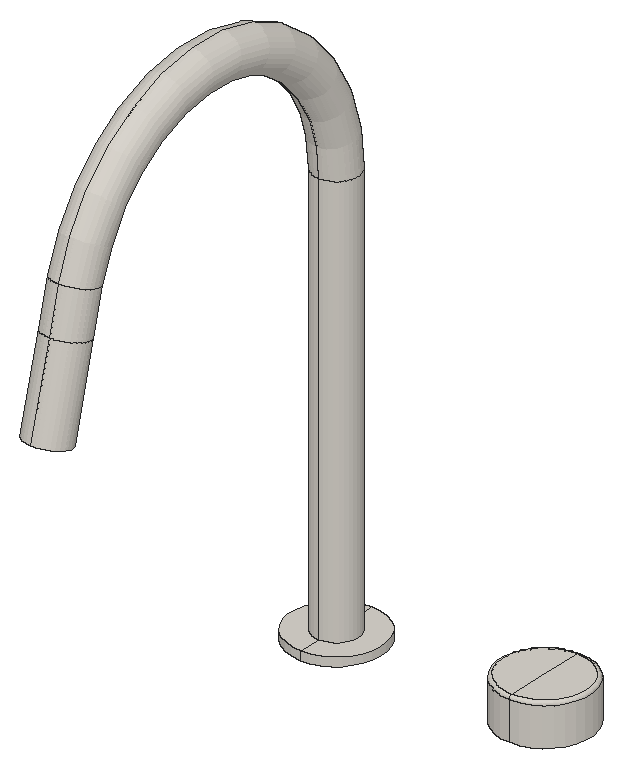
Revit family "MixerSet_Hob_Abey_PocoP_Sink_SingleSprayHead_FaceBased", category Plumbing Fixtures, host Face, Revit 2019
Family settings
  Host = Face
  Round Connector Dimension = Use Diameter
  Part Type = Normal
  OmniClass Number = 23.31.11.19
  OmniClass Title = Faucet Mixing Valves
  Cut with Voids When Loaded = No
  Shared = No
  Room Calculation Point = No
Parameters (values of type "Brushed Nickel (EU221201-K1)")
  Waste Connection = no
  Vent Connection = no
  Uniclass2015Version = "Products v1.28"
  Uniclass2015Title = "Mixer taps"
  Uniclass2015Code = "Pr_40_20_87_55"
  URL = "https://www.abey.com.au/"
  Type Comments = "Brushed Nickel"
  ModifiedIssue = 20230628
  Model = "EU221201-K1"
  BodyMaterial = Metal_Abey_BrushedNickel
  ManufacturerURLProductSpecific = ""
  ManufacturerSpecCode = Model  # "EU221201-K1"
  ManufacturerOverallWidth = 180 mm  # constant formula
  ManufacturerOverallHeight = 367.5 mm  # constant formula
  ManufacturerOverallDepth = 257.5 mm  # constant formula
  Manufacturer = "Abey"  # constant formula
  Keynote = ""
  IfcExportType = "FAUCET"
  IfcExportAs = "ifcValve"
  HW Connection = yes
  Description = " "
  Default Elevation = 0 mm
  CreatedByURL = "https://igsgroup.com.au"
  CreatedBy = "IGS BIM Solutions"  # constant formula
  Cost = 0
  CW Connection = yes
  Assembly Code = "C1030210"
Types (3, lengths in mm): name | Type Comments | BodyMaterial
  Brushed Nickel (EU221201-K1) | "Brushed Nickel" | Metal_Abey_BrushedNickel
  Brushed Brass (EU221201-K1) | "Brushed Brass" | Metal_Abey_Brass
  Gun Metal (EU221201-K1) | "Gun Metal" | Metal_Abey_GunMetal
Reference planes
  plane 1 "SpoutCenter (Front/Back)": y = -22.75
  plane 2 "Bottom": z = 0
  plane 3 "Center (Left/Right)": x = 18.07
  plane 4 "Front": y = -253.25
  plane 5 "Back": y = 4.25
  plane 6 "Left": x = -71.93
  plane 7 "Right": x = 108.07
  plane 8 "Top": z = 367.5
Forms (mm)
  Extrusion 1, void
    sketch origin (0, 0, 0) x (1, 0, 0) y (0, 1, 0)
      loop
        circle (-44.93, -22.574) r 16.081
    from 0 to -30
Text (mm)
  text "Disclaimer:\nDue to ongoing product development and manufacturing evolution, product details are subject to change without notice. Please refer to product technical data sheets on the manufacturers website for the most current product information. Please allow a +/- 5mm manufacturing tolerance for dimensions and set-outs shown in product literature." at (185.992, 8.188, 0), in view "Ref. Level"
Dimensions and locks
  "ManufacturerOverallHeight": plane 8 "Top" to plane 2 "Bottom"
  "ManufacturerOverallWidth": plane 6 "Left" to plane 7 "Right"
  "ManufacturerOverallDepth": plane 4 "Front" to plane 5 "Back"
  equal spacing: plane 6 "Left", plane 3 "Center (Left/Right)", plane 7 "Right"
  plane 1 "SpoutCenter (Front/Back)" to plane 5 "Back" = 27 mm
  aligned and locked: plane 2 "Bottom" to host face
  aligned and locked: level to host face
  aligned and locked: plane 3 "Center (Left/Right)" to nested 1
  aligned and locked: plane 1 "SpoutCenter (Front/Back)" to nested 1
  aligned and locked: nested 1 to host face
Automatic sketch dimensions
  host sketch curve to host sketch curve = 180 mm
  host sketch curve to host sketch curve = 257.5 mm
  Extrusion 1 sketch curve to plane 3 "Center (Left/Right)" = 63 mm
  Extrusion 1 sketch curve to plane 1 "SpoutCenter (Front/Back)" = 0.176 mm
  radius of Extrusion 1 sketch curve = 16.081 mm
Nested families
  nested 1: "z_MixerSet_Hob_Abey_PocoP_Sink_SingleSprayHead" at (18.07, -173.25, -900), type "Type 1"
Connectors
  piping at (-37.58, -22.75, -1), diameter 12.7, driven by "CW Connection"
    settings: on nested 1, index 1, connector inside diameter 24", connector length 0 mm, flow factor 0, pipe flow 0.00 L/s, pressure drop 0 kPa, fitting loss kfactor 0, connector angle 0.00°, fixture units 0, engagement length 0 mm, angle of deflection 0.00°, flow configuration 2, flow direction 1, fitting loss method 0, system type 20, joint type 0, gender type 0, connector reference index -1, connector utility 1, adjustable connector no, is connector primary yes, connector description "Cold Water Supply"
  piping at (-52.28, -22.75, -1), diameter 12.7, driven by "HW Connection"
    settings: on nested 1, index 2, connector inside diameter 24", connector length 0 mm, flow factor 0, pipe flow 0.00 L/s, pressure drop 0 kPa, fitting loss kfactor 0, connector angle 0.00°, fixture units 0, engagement length 0 mm, angle of deflection 0.00°, flow configuration 2, flow direction 1, fitting loss method 0, system type 19, joint type 0, gender type 0, connector reference index -1, connector utility 1, adjustable connector no, is connector primary no, connector description "Hot Water Supply"
Definition of nested family "z_MixerSet_Hob_Abey_PocoP_Sink_SingleSprayHead"
  Parameters (values of type "Type 1")
    Waste Connection = no
    Vent Connection = no
    Uniclass2015Version = ""
    Uniclass2015Title = ""
    Uniclass2015Code = ""
    URL = "https://www.abey.com.au/"
    Type Comments = ""
    ModifiedIssue = 0
    Model = ""
    ManufacturerURLProductSpecific = ""
    ManufacturerSpecCode = ""
    ManufacturerOverallWidth = 180 mm
    ManufacturerOverallHeight = 367.5 mm
    ManufacturerOverallDepth = 257.5 mm
    Manufacturer = "Abey"  # constant formula
    IfcExportType = ""
    IfcExportAs = ""
    HW Connection = yes
    Description = ""
    Default Elevation = 0 mm
    CreatedByURL = "https://igsgroup.com.au"
    CreatedBy = "IGS BIM Solutions"  # constant formula
    CW Connection = yes
    BodyMaterial = none
    Assembly Code = ""
  Reference planes
    plane 1 "Ref. Level": z = 0
    plane 2 "Center (Left/Right)": x = 0
    plane 3 "Left": x = -90
    plane 4 "Right": x = 90
    plane 5 "Back": y = 177.5
    plane 6 "Bottom": z = 900
    plane 7 "Top": z = 1267.5
    plane 8 "SpoutCenter (Front/Back)": y = 150.5
    plane 9 "SpoutCenter (Left/Right)": x = -63
    plane 10 "HobCenter (Left/Right)": x = 63
    plane 11 "Front": y = -80
  Forms (mm)
    Revolve 1, solid, material <- "BodyMaterial"
      sketch origin (-63, 1161.962, 4000) x (0, 1, 0) y (0, 0, 1)
        loop
          line (-984.462, -3100) -> (-984.462, -3095) -> (-1011.462, -3095) -> (-1011.462, -3100) -> (-984.462, -3100)
        axis (-1011.462, -3100) -> (-1011.462, -3095)
      angle from 0 to 360
    Revolve 2, solid, material <- "BodyMaterial"
      sketch origin (63, 1161.962, 4000) x (0, 1, 0) y (0, 0, 1)
        loop
          line (-1011.462, -3100) -> (-984.462, -3100) -> (-984.462, -3077)
          arc (-984.462, -3077) -> (-985.048, -3075.586) -> (-986.462, -3075) r 2
          line (-986.462, -3075) -> (-1011.462, -3075) -> (-1011.462, -3100)
        axis (-1011.462, -3100) -> (-1011.462, -3075)
      angle from 0 to 360
    Sweep 3, solid, material <- "BodyMaterial"
      path origin (-63, 1161.962, 4000) x (0, 1, 0) y (0, 0, 1)
        loop
          line (-1011.462, -3095) -> (-1011.462, -2845.689)
      profile origin (-63, 150.5, 1029.656) x (0, -1, 0) y (1, 0, 0)
        loop
          circle (0, 0) r 13
    Sweep 4, solid, material <- "BodyMaterial"
      path origin (-63, 1161.962, 4000) x (0, 1, 0) y (0, 0, 1)
        loop
          line (-1215.445, -2845.689) -> (-1208.495, -2819.749)
          arc (-1208.495, -2819.749) -> (-1098.604, -2746.322) -> (-1011.462, -2845.689) r 100.224
      profile origin (-63, -50.008, 1167.281) x (0, -0.965926, 0.258819) y (1, 0, 0)
        loop
          circle (0, 0) r 13
    Sweep 5, solid, material <- "BodyMaterial"
      path origin (-63, 1161.962, 4000) x (0, 1, 0) y (0, 0, 1)
        loop
          line (-1229.462, -2898) -> (-1215.445, -2845.689)
      profile origin (-63, -60.492, 1128.156) x (0, -0.965926, 0.258819) y (1, 0, 0)
        loop
          circle (0, 0) r 13
    Extrusion 6, solid, material <- "BodyMaterial"
      sketch origin (0, 0, 900) x (0, -1, 0) y (1, 0, 0)
        loop
          circle (-150.5, -70.35) r 6.35
        loop
          circle (-150.5, -55.65) r 6.35
      from 0 to -1
  Cuts and joins
    joined: Sweep 3, Sweep 4
  Lines and regions (mm)
    Masking region 1
      outline origin (0, 0, 1267.5) x (0, -1, 0) y (1, 0, 0)
        loop
          arc (-126.836, -50) -> (-177.5, -63) -> (-126.836, -76) r 27
          line (-126.836, -76) -> (67.001, -76)
          arc (67.001, -76) -> (80.001, -63) -> (67.001, -50) r 13
          line (67.001, -50) -> (-126.836, -50)
        loop
          circle (-150.5, 63) r 27
    symbolic lines, detail levels medium+fine
      curve 1: arc (-76, 150.5, 1267.5) -> (-63, 163.5, 1267.5) -> (-50, 150.5, 1267.5) r 13
      curve 2: line (-76, 126.836, 1267.5) -> (-76, 150.5, 1267.5)
      curve 3: line (-50, 126.836, 1267.5) -> (-50, 150.5, 1267.5)
  Dimensions and locks
    "ManufacturerOverallWidth": plane 3 "Left" to plane 4 "Right"
    "ManufacturerOverallHeight": plane 7 "Top" to plane 6 "Bottom"
    plane 6 "Bottom" to plane 1 "Ref. Level" = 900 mm
    plane 6 "Bottom" to plane 7 "Top" = 367.5 mm
    "ManufacturerOverallDepth": plane 11 "Front" to plane 5 "Back"
    equal spacing: plane 3 "Left", plane 2 "Center (Left/Right)", plane 4 "Right", locked at 90 each
    locked: plane 8 "SpoutCenter (Front/Back)" to plane 5 "Back" at 27
    locked: plane 3 "Left" to plane 9 "SpoutCenter (Left/Right)" at 27
    locked: plane 10 "HobCenter (Left/Right)" to plane 4 "Right" at 27
    aligned and locked: level to plane 1 "Ref. Level"
  Automatic sketch dimensions
    Revolve 1 sketch curve to plane 8 "SpoutCenter (Front/Back)" = 0 mm  (x2)
    Revolve 1 sketch curve to plane 5 "Back" = 0 mm
    plane 6 "Bottom" to Revolve 1 sketch curve = 0 mm
    Revolve 1 sketch curve to Revolve 1 sketch curve = 5 mm
    Revolve 1 sketch curve to Revolve 1 sketch curve = 100 mm
    plane 6 "Bottom" to Revolve 2 sketch curve = 0 mm
    Revolve 2 sketch curve to plane 8 "SpoutCenter (Front/Back)" = 0 mm  (x2)
    Revolve 2 sketch curve to plane 5 "Back" = 0 mm
    Revolve 2 sketch curve to plane 5 "Back" = 2 mm
    Revolve 2 sketch curve to Revolve 2 sketch curve = 23 mm
    Revolve 2 sketch curve to Revolve 2 sketch curve = 11.447 mm
    Revolve 2 sketch curve to Revolve 2 sketch curve = 5.547 mm
    Revolve 1 sketch curve to plane 6 "Bottom" = 5 mm
    Sweep 3 sketch curve to plane 6 "Bottom" = 5 mm
    Sweep 3 sketch curve to plane 8 "SpoutCenter (Front/Back)" = 0 mm
    Sweep 4 sketch curve to plane 9 "SpoutCenter (Left/Right)" = 0 mm
    Sweep 4 sketch curve to profile plane = 0 mm
    Sweep 4 sketch curve to plane 8 "SpoutCenter (Front/Back)" = 0 mm
    Sweep 4 sketch curve to plane 11 "Front" = 33.467 mm
    Sweep 4 sketch curve to plane 11 "Front" = 26.517 mm
    Sweep 4 sketch curve to Sweep 4 sketch curve = 25.94 mm
    Sweep 5 sketch curve to plane 11 "Front" = 26.517 mm
    Sweep 5 sketch curve to plane 11 "Front" = 12.5 mm
    Sweep 5 sketch curve to plane 9 "SpoutCenter (Left/Right)" = 0 mm
    Sweep 5 sketch curve to profile plane = 0 mm
    Sweep 5 sketch curve to Sweep 5 sketch curve = 52.311 mm
    plane 8 "SpoutCenter (Front/Back)" to Masking region 1 sketch curve = 0 mm  (x2)
    Masking region 1 sketch curve to plane 9 "SpoutCenter (Left/Right)" = 0 mm  (x2)
    Masking region 1 sketch curve to plane 10 "HobCenter (Left/Right)" = 0 mm
    plane 8 "SpoutCenter (Front/Back)" to Masking region 1 sketch curve = 23.664 mm
    Masking region 1 sketch curve to plane 11 "Front" = 12.999 mm
    Masking region 1 sketch curve to plane 9 "SpoutCenter (Left/Right)" = 13 mm
    plane 8 "SpoutCenter (Front/Back)" to curve 3 = 0 mm
    curve 1 to plane 9 "SpoutCenter (Left/Right)" = 0 mm
    plane 8 "SpoutCenter (Front/Back)" to curve 3 = 23.664 mm
    plane 8 "SpoutCenter (Front/Back)" to curve 2 = 23.664 mm
    plane 9 "SpoutCenter (Left/Right)" to curve 3 = 13 mm
    plane 8 "SpoutCenter (Front/Back)" to Extrusion 6 sketch curve = 0 mm  (x2)
    Extrusion 6 sketch curve to plane 9 "SpoutCenter (Left/Right)" = 7.35 mm
    plane 9 "SpoutCenter (Left/Right)" to Extrusion 6 sketch curve = 7.35 mm
    Sweep 4 sketch curve to Sweep 4 sketch curve = 100.224 mm
    plane 7 "Top" to Sweep 3 sketch curve = 113.189 mm
    plane 7 "Top" to Sweep 4 sketch curve = 113.189 mm
    plane 7 "Top" to Sweep 5 sketch curve = 165.5 mm
    radius of Sweep 4 sketch curve = 13 mm
    radius of Sweep 5 sketch curve = 13 mm
    radius of Masking region 1 sketch curve = 27 mm
    radius of Extrusion 6 sketch curve = 6.35 mm  (x2)
